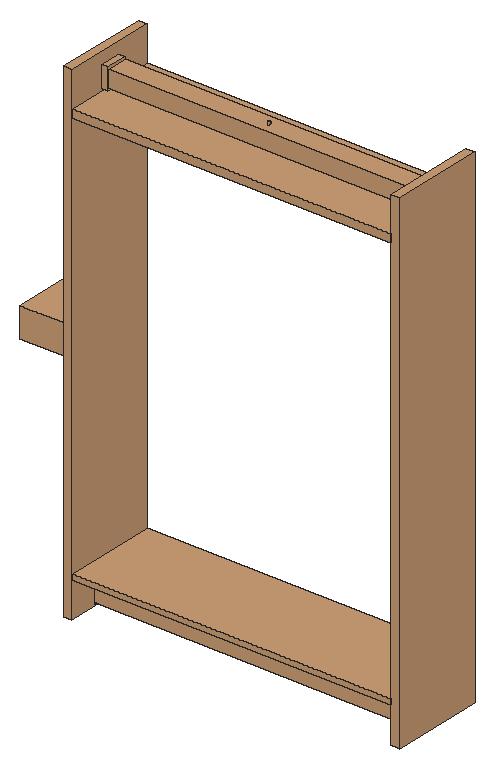
Revit family
Parameters
  Center of Unit = 0' - 0"  # constant formula
  Total Heating Capacity [instance] = 0.0 Btu/h
  Series = "VIFB"
  Outlet Area = 50.10 SF
  Lower Frame Thickness = if(Headers Height = 0' 3", 0' 1 1/4", if(Headers Height = 0' 3 1/4", 0' 1 1/4", 0' 0"))  # 0' - 1 1/4"
  Water Pressure Drop [instance] = 0.00 psi
  Water Flow [instance] = 0 GPM
  Unit Weight (lbs) = 1239
  URL = "http://www.ljwing.com/"
  Water Outlet Radius = 0' - 1 1/2"
  Headers Height = if(M = 0' 1", 0' 3", if(M = 0' 1 1/2", 0' 3 1/4", 0' 0"))  # 0' - 3"
  Number of Rows = 2  # constant formula
  Number of Coils [instance] = 0
  Nominal Length = 6' - 7 1/16"
  N = 1' - 0 3/4"
  Model = "VF-7W"
  Manufacturer = "LJ Wing"
  M = 0' - 1"
  Leaving Water Temperature [instance] = 0 °F
  Leaving Air Temperature [instance] = 0 °F
  Entering Water Temperature [instance] = 0 °F
  Entering Air Temperature [instance] = 0 °F
  Description = "Vertical Integral Face & Bypass Water Heating Coils"
  Hot Water Inlet  Radius = 0' - 1 1/2"
  Coil Face Area = Outlet Area * 0.56  # 28.056 SF
  Casing Material = ""
  Assembly Code = "D3020300"
  Air Vent Radius = 0' - 0 1/4"
  Air Pressure Drop [instance] = 0.00 in-wg
  Air Inlet Width = Nominal Length - 0' 4"  # 6' - 3 1/16"
  Air Inlet Height = Y  # 8' - 0"
  Air Flow [instance] = 0 CFM
  Y = 8' - 0"
  S = 0' - 9 3/4"  # constant formula
  Product URL = "http://www.ljwing.com/html/vifb.asp"
  OmniClass = "23-75 70 21 14 "
  Nominal Height = 9' - 8"
  Nominal Depth = 1' - 10"
  R = 0' - 10 1/4"  # constant formula
  Q = 0' - 3 17/32"
Reference planes (in)
  plane 1 "Center (Front/Back)": y = 0
  plane 2: z = -48
  plane 3 "Center (Left/Right)": x = 0
  plane 4: z = 58.25
  plane 5: x = -39.53125
  plane 6: x = 39.53125
  plane 7: z = -57.75
  plane 8: z = 0
  plane 9: y = -11
  plane 10: y = 11
  plane 11: z = 48
  plane 12: z = 50
  plane 13: z = -49.25
  plane 14: x = 37.53125
  plane 15: x = -37.53125
  plane 16: x = -36
  plane 17: x = 36
  plane 18: y = 14.0625
  plane 19: x = -50.53125
  plane 20: z = 55.125
  plane 21: z = 51.125
  plane 22: y = -2.5
  plane 23: y = 2.5
  plane 24: y = -4.5
  plane 25: z = -55.375
  plane 26: x = -26.78125
  plane 27: x = 26.78125
  plane 28: z = -51.375
Forms (in)
  Extrusion 1, solid, material "Painted Finish"
    sketch origin (0, 6, -9.75) x (1, 0, 0) y (0, 0, 1)
      loop
        line (-39.53125, -48) -> (-37.53125, -48) -> (-37.53125, 68) -> (-39.53125, 68) -> (-39.53125, -48)
      loop
        line (39.53125, -48) -> (39.53125, 68) -> (37.53125, 68) -> (37.53125, -48) -> (39.53125, -48)
    from -5 to 17
  Extrusion 2, solid, material "Painted Finish"
    sketch origin (0, 6, 0) x (1, 0, 0) y (0, 0, 1)
      loop
        line (37.53125, -48) -> (-37.53125, -48) -> (-37.53125, -49.25) -> (37.53125, -49.25) -> (37.53125, -48)
      loop
        line (37.53125, 48) -> (37.53125, 50) -> (-37.53125, 50) -> (-37.53125, 48) -> (37.53125, 48)
    from -5 to 17
  Extrusion 3, solid, material "Painted Finish"
    sketch origin (0, 10, -0.5) x (1, 0, 0) y (0, 0, 1)
      loop
        line (-39.53125, 4) -> (-50.53125, 4) -> (-50.53125, -3) -> (-39.53125, -3) -> (-39.53125, 4)
    from 0 to 20
  Extrusion 4, solid, material "Painted Finish"
    sketch origin (0, 6, 0) x (1, 0, 0) y (0, 0, 1)
      loop
        line (-35.90625, 55.125) -> (-35.90625, 51.125) -> (35.90625, 51.125) -> (35.90625, 55.125) -> (-35.90625, 55.125)
    from 3.5 to 8.5
  Extrusion 5, solid, material "Painted Finish"
    sketch origin (0, 0, 0) x (1, 0, 0) y (0, 0, 1)
      loop
        line (-35.90625, 50.625) -> (-35.90625, 55.625) -> (-37.53125, 55.625) -> (-37.53125, 50.625) -> (-35.90625, 50.625)
      loop
        line (37.53125, 50.625) -> (37.53125, 55.625) -> (35.90625, 55.625) -> (35.90625, 50.625) -> (37.53125, 50.625)
    from -2.5 to 2.5
  Extrusion 6, solid, material "Painted Finish"
    sketch origin (0, 6, 0) x (1, 0, 0) y (0, 0, 1)
      loop
        line (-37.03125, -49.875) -> (-37.03125, -49.625) -> (-37.53125, -49.625) -> (-37.53125, -53.125) -> (-37.03125, -53.125) -> (-37.03125, -52.875) -> (37.03125, -52.875) -> (37.03125, -53.125) -> (37.53125, -53.125) -> (37.53125, -49.625) -> (37.03125, -49.625) -> (37.03125, -49.875) -> (-37.03125, -49.875)
      loop
        line (37.03125, -56.875) -> (37.03125, -57.125) -> (37.53125, -57.125) -> (37.53125, -53.625) -> (37.03125, -53.625) -> (37.03125, -53.875) -> (-37.03125, -53.875) -> (-37.03125, -53.625) -> (-37.53125, -53.625) -> (-37.53125, -57.125) -> (-37.03125, -57.125) -> (-37.03125, -56.875) -> (37.03125, -56.875)
    from -5 to 10.5
  Extrusion 7, void
    sketch origin (0, 0, 0) x (1, 0, 0) y (0, 0, 1)
      loop
        line (-37.53125, 48) -> (-37.53125, -48) -> (37.53125, -48) -> (37.53125, 48) -> (-37.53125, 48)
    from -11 to 11
  Extrusion 8, solid, material "Painted Finish"
    sketch origin (0, 0, 0) x (1, 0, 0) y (0, 0, 1)
      loop
        circle (26.78125, -55.375) r 1
      loop
        circle (-26.78125, -51.375) r 1
    from -14.0625 to -11
  Extrusion 9, solid, material "Painted Finish"
    sketch origin (0, 0, 0) x (1, 0, 0) y (0, 1, 0)
      loop
        circle (0, 0) r 0.25
    from 55.125 to 55.625
Cuts and joins
  Extrusion 7 cuts Extrusion 1
  Extrusion 7 cuts Extrusion 2
Dimensions and locks (in)
  "Nominal Length": plane 6 to plane 5
  equal spacing: plane 6, plane 3 "Center (Left/Right)", plane 5
  "S": plane 2 to plane 7
  "Nominal Depth": plane 10 to plane 9
  equal spacing: plane 10, plane 1 "Center (Front/Back)", plane 9
  "Y": plane 11 to plane 2
  "R": plane 4 to plane 11
  locked: plane 12 to plane 11 at 2
  "Lower Frame Thickness": plane 2 to plane 13
  "Q": plane 16 to plane 5
  "Q": plane 6 to plane 17
  locked: plane 18 to plane 10 at 3.0625
  locked: plane 5 to plane 19 at 11
  locked: Extrusion 3 sketch curve to Extrusion 3 sketch curve at 7
  locked: Extrusion 3 to Extrusion 3 at 20
  locked: plane 6 to plane 14 at 2
  locked: plane 15 to plane 5 at 2
  locked: Extrusion 5 sketch curve to plane 20 at 0.5
  locked: plane 21 to Extrusion 5 sketch curve at 0.5
  locked: plane 20 to plane 21 at 4
  locked: plane 23 to plane 22 at 5
  equal spacing: plane 23, plane 1 "Center (Front/Back)", plane 22
  locked: plane 22 to plane 24 at 2
  plane 4 to plane 7 = 9' - 8"
  locked: Extrusion 5 sketch curve to Extrusion 1 at 1.625
  locked: Extrusion 5 sketch curve to Extrusion 5 sketch curve at 1.625
  locked: Extrusion 7 sketch curve to plane 11 at 0
  locked: Extrusion 7 sketch curve to plane 15 at 0
  locked: Extrusion 7 sketch curve to plane 14 at 0
  locked: plane 15 to Extrusion 6 sketch curve at 0.5
  locked: Extrusion 6 sketch curve to Extrusion 6 sketch curve at 0.25  (x2)
  locked: plane 25 to plane 7 at 2.375
  "N": plane 26 to plane 5
  "N": plane 6 to plane 27
  locked: plane 28 to plane 7 at 6.375
  "Headers Height": Extrusion 6 sketch curve to Extrusion 6 sketch curve  (x2)
  locked: Extrusion 8 sketch curve to plane 25 at 0
  locked: Extrusion 8 sketch curve to plane 28 at 0
  locked: Extrusion 9 sketch curve to plane 1 "Center (Front/Back)" at 0
  locked: Extrusion 9 sketch curve to plane 3 "Center (Left/Right)" at 0
  equal spacing: Extrusion 6 sketch curve, plane 28, Extrusion 6 sketch curve
  equal spacing: Extrusion 6 sketch curve, plane 25, Extrusion 6 sketch curve
  locked: plane 4 to plane 20 at 3.125
  locked: Extrusion 7 sketch curve to plane 2 at 0
  equal spacing: plane 11, plane 8, plane 2
  locked: Extrusion 8 sketch curve to plane 27 at 0
  locked: Extrusion 8 sketch curve to plane 26 at 0
  "M": radius of Extrusion 8 sketch curve  (x2)
  "Air Vent Radius": radius of Extrusion 9 sketch curve
  aligned and locked: Extrusion 1 to plane 9
  aligned and locked: Extrusion 1 to plane 10
  aligned and locked: Extrusion 1 to plane 15
  aligned and locked: Extrusion 1 to plane 14
  aligned and locked: Extrusion 2 to plane 9
  aligned and locked: plane 9 to Extrusion 1
  aligned and locked: plane 10 to Extrusion 1  (x2)
  aligned and locked: Extrusion 2 to plane 10
  aligned and locked: plane 10 to Extrusion 2  (x2)
  aligned and locked: plane 9 to Extrusion 2  (x2)
  aligned and locked: plane 5 to Extrusion 3
  aligned and locked: Extrusion 5 sketch curve to plane 15
  aligned and locked: Extrusion 5 sketch curve to Extrusion 4
  aligned and locked: Extrusion 1 to Extrusion 6
  aligned and locked: plane 22 to Extrusion 5
  aligned and locked: Extrusion 5 to Extrusion 4  (x2)
  aligned and locked: Extrusion 5 to plane 23
  aligned and locked: Extrusion 6 to plane 24
  aligned and locked: Extrusion 4 to Extrusion 5  (x2)
  aligned and locked: Extrusion 5 to Extrusion 1  (x2)
  aligned and locked: Extrusion 1 to Extrusion 7  (x2)
  aligned and locked: plane 18 to Extrusion 8
  aligned and locked: Extrusion 8 to plane 10
  aligned and locked: plane 20 to Extrusion 9
  aligned and locked: Extrusion 9 to Extrusion 5
  aligned and locked: plane 2 to cut or joined group of Extrusion 2, Extrusion 7
  aligned and locked: Extrusion 1 sketch curve to plane 6
  aligned and locked: Extrusion 1 sketch curve to plane 14
  aligned and locked: Extrusion 1 sketch curve to plane 15
  aligned and locked: Extrusion 1 sketch curve to plane 5
  aligned and locked: Extrusion 1 sketch curve to plane 4  (x2)
  aligned and locked: plane 7 to Extrusion 1 sketch curve  (x2)
  aligned and locked: Extrusion 2 sketch curve to plane 11
  aligned and locked: Extrusion 2 sketch curve to plane 12
  aligned and locked: plane 2 to Extrusion 2 sketch curve
  aligned and locked: Extrusion 2 sketch curve to plane 13
  aligned and locked: plane 14 to Extrusion 2 sketch curve
  aligned and locked: plane 15 to Extrusion 2 sketch curve
  aligned and locked: Extrusion 2 sketch curve to plane 15
  aligned and locked: Extrusion 2 sketch curve to plane 14
  aligned and locked: plane 20 to Extrusion 4 sketch curve
  aligned and locked: Extrusion 4 sketch curve to plane 21
  aligned and locked: plane 14 to Extrusion 6 sketch curve  (x2)
  aligned and locked: Extrusion 6 sketch curve to plane 15  (x2)
Automatic sketch dimensions
  Extrusion 3 sketch curve to plane 19 = 0' - 0"
  Extrusion 3 sketch curve to plane 5 = 0' - 0"
  plane 8 to Extrusion 3 sketch curve = 0' - 3 1/2"
  plane 16 to Extrusion 4 sketch curve = 0' - 0 3/32"
  Extrusion 4 sketch curve to plane 17 = 0' - 0 3/32"
  plane 21 to Extrusion 5 sketch curve = 0' - 0 1/2"
  Extrusion 5 sketch curve to plane 20 = 0' - 0 1/2"
  plane 15 to Extrusion 6 sketch curve = 0' - 0 1/2"  (x2)
  Extrusion 6 sketch curve to Extrusion 6 sketch curve = 0' - 0 1/4"  (x5)
  Extrusion 6 sketch curve to Extrusion 6 sketch curve = 0' - 0"  (x2)
  Extrusion 6 sketch curve to plane 14 = 0' - 0 1/2"  (x2)
  Extrusion 6 sketch curve to Extrusion 6 sketch curve = 0' - 0 1/2"
  Extrusion 6 sketch curve to plane 7 = 0' - 0 5/8"
Connectors (in)
  hvac at (0, -11, 0), driven by "Air Inlet Height", driven by "Air Inlet Width", driven by "Air Flow", driven by "Air Pressure Drop"
    settings: on Extrusion 7, index 1
  hvac at (0, 11, 0), driven by "Air Pressure Drop", driven by "Air Inlet Height", driven by "Air Inlet Width", driven by "Air Flow"
    settings: on Extrusion 7, index 2
  piping at (-26.78125, 14.0625, -51.375), driven by "M", driven by "Water Flow", driven by "Water Pressure Drop"
    settings: on Extrusion 8, index 4
  piping at (26.78125, 14.0625, -55.375), driven by "Water Pressure Drop", driven by "Water Flow", driven by "M"
    settings: on Extrusion 8, index 5
